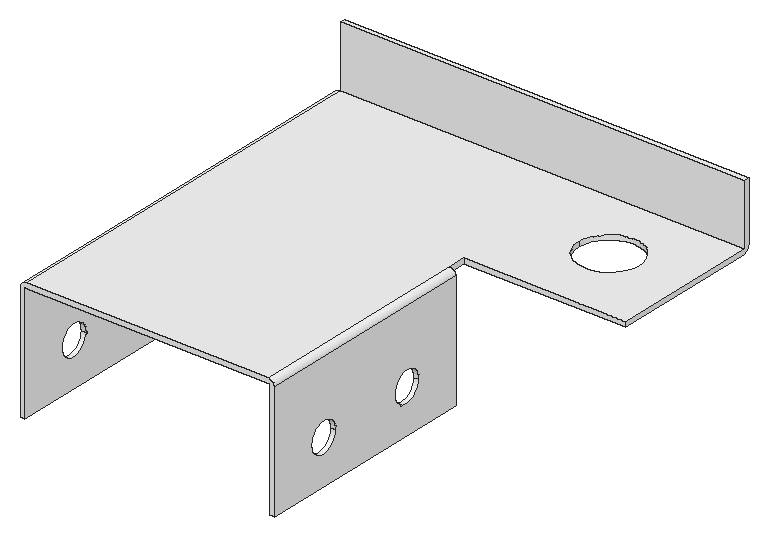
Revit family "newsqhanger_4020", category 機械設備, Revit 2020
Family settings
  丸型コネクタ寸法 = 直径を使用
  種別 = なし
  パーツ タイプ = 標準
  作業面ベース = いいえ
  常に垂直 = はい
  ロード時にボイドで切り取り = いいえ
  共有 = いいえ
  部屋計算ポイント = いいえ
Parameters
  製造元 = "株式会社桐井製作所"
  既定の高さ = 0 mm
  URL = "https://www.kirii.co.jp/"
  K_材質 = "溶融亜鉛めっき鋼板"
  K_品名 = "新SQハンガー4020用"
  K_名称 = "SQ-BAR関連部材"
  K_入数 = "200"
  K_バージョン情報 = "20210524"
Reference planes
  plane 1 "中心(正面/背面)": y = 0
  plane 2: z = 0
  plane 3 "中心(左/右)": x = 0
Forms (mm)
  Extrusion 1, void
    sketch origin (0, 0, 0) x (1, 0, 0) y (0, 1, 0)
      loop
        line (8.8, 19.2) -> (8.8, -20.8) -> (35.25, -20.8) -> (35.25, 19.2) -> (8.8, 19.2)
    from 0 to 0.8
  Extrusion 2, solid
    sketch origin (-11, 14.25, 0) x (1, 0, 0) y (0, 0, 1)
      loop
        arc (20.8, -0.2) -> (20.507, 0.507) -> (19.8, 0.8) r 1
        line (19.8, 0.8) -> (18.952, 0.8) -> (18.952, 0) -> (20, 0) -> (20, -19.2) -> (20.8, -19.2) -> (20.8, -0.2)
    from -1.95 to 35.05
  Extrusion 3, solid
    sketch origin (0, 0, 0) x (1, 0, 0) y (0, 0, 1)
      loop
        line (-31, -19.2) -> (-31, 0) -> (35.25, 0) -> (35.25, 0.8) -> (-30.8, 0.8)
        arc (-30.8, 0.8) -> (-31.507, 0.507) -> (-31.8, -0.2) r 1
        line (-31.8, -0.2) -> (-31.8, -19.2) -> (-31, -19.2)
    from -43.4 to 20.8
  Extrusion 4, void
    sketch origin (0, 0, 0) x (1, 0, 0) y (0, 1, 0)
      loop
        circle (22.55, 31.7) r 5
    from 0 to 0.8
  Extrusion 5, void
    sketch origin (0, 0, 0) x (0, 1, 0) y (0, 0, 1)
      loop
        circle (6.2, -12) r 2.5
      loop
        circle (-10.8, -12) r 2.5
    from 10.115 to 8.8
  Extrusion 6, void
    sketch origin (0, 0, 0) x (0, 1, 0) y (0, 0, 1)
      loop
        circle (-10.8, -12) r 2.5
      loop
        circle (33.2, -12) r 2.5
    from -32 to -30.75
  Extrusion 7, solid
    sketch origin (0, 22.478, 0) x (0, -1, 0) y (0, 0, -1)
      loop
        line (-21.8, -10.8) -> (-21, -10.8) -> (-21, -0.8) -> (-19.562, -0.8) -> (-19.562, 0) -> (-20.8, 0)
        arc (-20.8, 0) -> (-21.507, -0.293) -> (-21.8, -1) r 1
        line (-21.8, -1) -> (-21.8, -10.8)
    from -30.8 to 35.25
Cuts and joins
  Extrusion 4, Extrusion 5, Extrusion 6 cuts Extrusion 2
  Extrusion 1, Extrusion 4, Extrusion 5, Extrusion 6 cuts Extrusion 3
  joined: Extrusion 2, Extrusion 3, Extrusion 7
Dimensions and locks
  aligned and locked: level to plane 2
